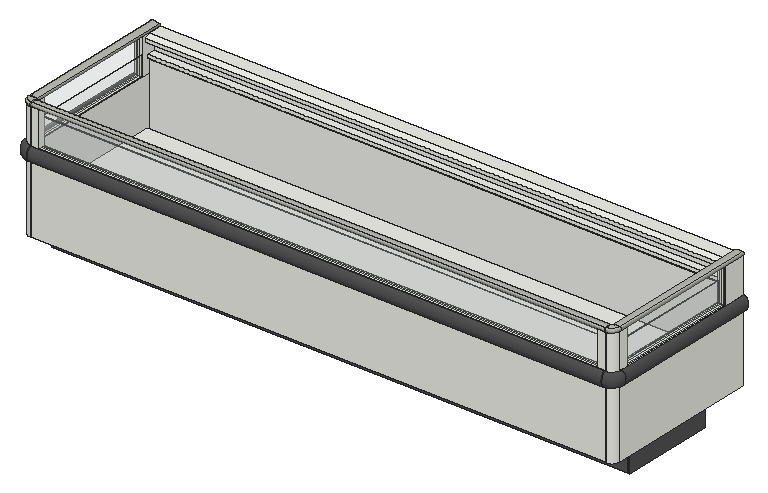
Revit family "FG_2014", category Specialty Equipment, Revit 2014
Parameters (values of type "12'-0" Length")
  Width = 144 1/2"
  Waste Drain = 1 1/4"  # constant formula
  URL = "www.hussmann.com"
  Type Comments = "Excel"  # constant formula
  Trim = Plastic - 144 Mist Gray
  Total Weight = Case Weight + (2 * End Weight)  # 1300.00 lbf
  Splashguard = Textured Sheet Metal (Steel Painted) - 701 Black
  Side Panel - Right [instance] = yes
  Side Panel - Left [instance] = yes
  Shelves = Sheet Metal (Steel Painted) - 700 Interior White
  Revit Family Date = "08/30/2016"  # constant formula
  Refrigeration Lines Suction = 5/8"  # constant formula
  Refrigeration Lines Liquid = 3/8"  # constant formula
  Refrig. Suction = "Suction"
  Refrig. Liquid = "Liquid"
  Number of Supports = if(Width < 50", 2, if(Width < 100", 3, 4))  # 4
  Note from Manufacturer = "This model only comes in 6'-0\", 8'-0\", and 12'-0\" lengths."
  Model URL = "http://www.hussmann.com/en/product%20viewer/display-cases/F,%20FG"
  Model = "FG"  # constant formula
  Manufacturer Disclaimer = "The information in this file is not intended to be an exact representation of the corresponding Hussmann product.  Further, we reserve the right to change or revise specifications and product design in connection with any feature of our products. Such changes do not entitle the buyer to corresponding changes, improvements, additions, or replacements for equipment previously sold or shipped."  # constant formula
  Manufacturer = "Hussmann Corporation"  # constant formula
  Height = 36 1/4"  # constant formula
  Glazing = Glass
  Ends = Textured Sheet Metal (Steel Painted) - 149 White Satin Matte
  End Weight = 50.00 lbf  # constant formula
  Description = "Single-Deck Wall Model With Glass Front for Frozen Food, Ice Cream or Medium Temp"  # constant formula
  Depth = 42"  # constant formula
  Cutsheet URL = "http://www.hussmann.com/en/Technical%20Documents/0465894_F_F_EN.pdf"
  Close Off Panel = Textured Sheet Metal (Steel Painted) - 701 Black
  Clearance [instance] = yes
  Case Weight = if(Width = 73 3/4", 800.00 lbf, if(Width = 96 3/8", 1000.00 lbf, if(Width = 144 1/2", 1200.00 lbf, 0.00 lbf)))  # 1200.00 lbf
  Case Interior - Side Panel = Sheet Metal (Steel Painted) - 700 Interior White
  Case Interior - Back Panel = Sheet Metal (Steel Painted) - 700 Interior White
  Case = Textured Sheet Metal (Steel Painted) - 149 White Satin Matte
  Bumper = Extruded PVC - 701 Black
  Back Clearance = 3"  # constant formula
  Assembly Code = ""
  Accessories/Options = ""
Types (4): name | Width | Total Weight | Number of Supports | Note from Manufacturer | Case Weight
  (no name) | 144 1/2" | 1300.00 lbf | 4 | "This model only comes in 6'-0\", 8'-0\", and 12'-0\" lengths." | 1200.00 lbf
  12'-0" Length | 144 1/2" | 1300.00 lbf | 4 | "This model only comes in 6'-0\", 8'-0\", and 12'-0\" lengths." | 1200.00 lbf
  8'-0" Length | 96 3/8" | 1100.00 lbf | 3 | "This model only comes in 8'-0\", and 12'-0\" lengths." | 1000.00 lbf
  6'-0" Length | 73 3/4" | 900.00 lbf | 3 | "This model only comes in 6'-0\", 8'-0\", and 12'-0\" lengths." | 800.00 lbf
Reference planes
  plane 1 "Back": y = 0
  plane 2 "Bottom": z = 0
  plane 3 "Top": z = 920.75
  plane 4 "Left": x = -1963.597
  plane 5 "Front": y = -1066.8
  plane 6 "Center (Left/Right)": x = -128.447
  plane 7: y = 76.2
  plane 8 "Right": x = 1706.703
  plane 9: z = 609.6
  plane 10: z = 1727.2
  plane 11: z = 996.95
Forms (mm)
  Extrusion 1, solid, material "Metal - Copper"
    sketch origin (1601.788, 26.497, 0) x (1, 0, 0) y (0, 1, 0)
      loop
        arc (-203.06, -813.897) -> (-214.285, -818.547) -> (-218.935, -829.772) r 15.875
        arc (-218.935, -829.772) -> (-214.285, -840.997) -> (-203.06, -845.647) r 15.875
        arc (-203.06, -845.647) -> (-191.835, -840.997) -> (-187.185, -829.772) r 15.875
        arc (-187.185, -829.772) -> (-191.835, -818.547) -> (-203.06, -813.897) r 15.875
      loop
        circle (-203.06, -829.772) r 14.864
    from 163.173 to 89.274
  Extrusion 2, solid, material "Metal - Copper"
    sketch origin (1457.987, 127, -9.525) x (1, 0, 0) y (0, 1, 0)
      loop
        circle (37.578, -793.75) r 7.33
      loop
        circle (37.578, -793.75) r 7.938
    from 108.245 to 9.525
  Extrusion 3, solid, material "Metal - Copper"
    sketch origin (1519.582, 127, -9.525) x (1, 0, 0) y (0, 1, 0)
      loop
        circle (-11.317, -793.75) r 4.366
      loop
        circle (-11.317, -793.75) r 4.763
    from 108.245 to 9.525
  Extrusion 4, solid, material "Metal - Copper"
    sketch origin (-1439.862, 26.497, 0) x (1, 0, 0) y (0, 1, 0)
      loop
        arc (-215.76, -813.897) -> (-226.985, -818.547) -> (-231.635, -829.772) r 15.875
        arc (-231.635, -829.772) -> (-226.985, -840.997) -> (-215.76, -845.647) r 15.875
        arc (-215.76, -845.647) -> (-204.535, -840.997) -> (-199.885, -829.772) r 15.875
        arc (-199.885, -829.772) -> (-204.535, -818.547) -> (-215.76, -813.897) r 15.875
      loop
        circle (-215.76, -829.772) r 14.864
    from 163.173 to 89.274
  Extrusion 5, solid, material "Textured Sheet Metal (Steel Painted) - 149 White Satin Matte" <- "Case"
    sketch origin (-1963.597, 0, 0) x (0, 1, 0) y (0, 0, 1)
      loop
        line (-940.424, 478.196) -> (-926.169, 520.827) -> (-926.169, 564.362) -> (-933.462, 567.635) -> (-933.462, 528.117) -> (-939.05, 528.117) -> (-939.05, 570.143) -> (-993.628, 594.638) -> (-993.628, 661.676) -> (-1033.122, 661.676) -> (-1033.122, 139.7) -> (-1009.527, 139.7) -> (-1016.485, 143.719)
        arc (-1016.485, 143.719) -> (-1019.391, 147.392) -> (-1018.988, 152.058) r 6.35
        line (-1018.988, 152.058) -> (-989.666, 210.678) -> (-855.105, 139.7) -> (-178.706, 139.7) -> (0, 235.513) -> (0, 895.35) -> (-91.895, 895.35) -> (-120.318, 881.369) -> (-120.318, 855.699) -> (-54.69, 855.699) -> (-54.69, 780.591) -> (-104.147, 780.591) -> (-104.147, 757.645) -> (-92.699, 748.154) -> (-92.699, 345.771) -> (-940.424, 345.771) -> (-940.424, 478.196)
    from 0 to 3670.3 <- "Width"
  Extrusion 6, solid, material "Extruded PVC - 701 Black" <- "Bumper"
    sketch origin (-1963.597, 0, 0) x (0, 1, 0) y (0, 0, 1)
      loop
        line (-1033.122, 577.203) -> (-1033.122, 662.345)
        spline (-1033.122, 662.345) -> (-1041.503, 662.394) -> (-1049.552, 658.973) -> (-1056.614, 652.36) -> (-1062.114, 643.094) -> (-1065.604, 631.929) -> (-1066.8, 619.774) -> (-1065.604, 607.62) -> (-1062.114, 596.455) -> (-1056.614, 587.188) -> (-1049.552, 580.575) -> (-1041.503, 577.154) -> (-1033.122, 577.203)
    from 0 to 3670.3 <- "Width"
  Extrusion 7, solid, material "Plastic - 144 Mist Gray" <- "Trim"
    sketch origin (-1963.597, 0, 0) x (0, 1, 0) y (0, 0, 1)
      loop
        arc (-1030.156, 909.502) -> (-1038.795, 898.503) -> (-1030.731, 887.075) r 11.708
        line (-1030.731, 887.075) -> (-1030.731, 895.35) -> (-993.628, 895.35) -> (-993.628, 894.293) -> (-984.013, 894.293)
        arc (-984.013, 894.293) -> (-980.651, 899.122) -> (-983.552, 904.241) r 5.522
        arc (-983.552, 904.241) -> (-1006.363, 911.225) -> (-1030.156, 909.502) r 64.948
    from 0 to 3670.3 <- "Width"
  Extrusion 8, solid, material "Textured Sheet Metal (Steel Painted) - 701 Black" <- "Splashguard"
    sketch origin (-1963.597, 0, 0) x (0, 1, 0) y (0, 0, 1)
      loop
        line (-850.9, 130.29) -> (-850.9, 0) -> (-838.134, 0) -> (-838.134, 138.516) -> (-844.992, 138.516) -> (-850.9, 130.29)
      loop
        line (-251.385, 139.7) -> (-267.809, 139.7) -> (-267.809, 116.713) -> (-263.525, 116.713) -> (-263.525, 0) -> (-259.241, 0) -> (-259.241, 116.713) -> (-251.385, 116.713) -> (-251.385, 139.7)
    from 0 to 3670.3 <- "Width"
  Extrusion 9, solid, material "Sheet Metal (Steel Painted) - 700 Interior White" <- "Shelves"
    sketch origin (-1963.597, 0, 0) x (0, 1, 0) y (0, 0, 1)
      loop
        line (-925.763, 360.804) -> (-925.763, 345.771) -> (-108.172, 345.771) -> (-108.172, 360.804) -> (-925.763, 360.804)
    from 0 to 3670.3 <- "Width"
  Extrusion 10, solid, material "Glass"
    sketch origin (-1963.597, -1.597, 0) x (0, 1, 0) y (0, 0, 1)
      loop
        line (-993.628, 661.676) -> (-993.628, 895.35) -> (-1006.328, 895.35) -> (-1006.328, 661.676) -> (-993.628, 661.676)
      loop
        line (-1028.34, 661.676) -> (-1015.64, 661.676) -> (-1015.64, 895.35) -> (-1028.34, 895.35) -> (-1028.34, 661.676)
    from 50.8 to 3619.5
  Extrusion 11, solid, material "Textured Sheet Metal (Steel Painted) - 149 White Satin Matte" <- "Case"
    sketch origin (-1963.597, -1.597, 0) x (0, 1, 0) y (0, 0, 1)
      loop
        line (-995.226, 895.35) -> (-1031.525, 895.35) -> (-1031.525, 661.676) -> (-995.226, 661.676) -> (-995.226, 895.35)
    from 0 to 50.8
  Extrusion 12, solid, material "Textured Sheet Metal (Steel Painted) - 149 White Satin Matte" <- "Case"
    sketch origin (1706.703, 0, 0) x (0, 0, 1) y (0, -1, 0)
      loop
        line (661.676, 1030.731) -> (661.676, 994.432) -> (895.35, 994.432) -> (895.35, 1030.731) -> (661.676, 1030.731)
    from 0 to -50.8
  Extrusion 13, solid, material "Glass"
    sketch origin (-1963.597, 0, 0) x (0, 1, 0) y (0, 0, 1)
      loop
        line (-939.05, 528.117) -> (-933.462, 528.117) -> (-933.462, 787.571) -> (-939.05, 787.571) -> (-939.05, 528.117)
    from 0 to 3670.3 <- "Width"
Lines and regions (mm)
  reference lines
    curve 1: line (-1900.097, -1066.8, 0) -> (-1900.097, 0, 0)
    curve 2: line (-1655.622, -1066.8, 0) -> (-1655.622, 0, 0)
    curve 3: line (1398.728, -1066.8, 0) -> (1398.728, 0, 0)
    curve 4: line (1643.203, -1066.8, 0) -> (1643.203, 0, 0)
    curve 5: line (1503.503, -1066.8, 0) -> (1503.503, 0, 0)
    curve 6: line (-1963.597, -803.275, 0) -> (1706.703, -803.275, 0)
    curve 7: line (1706.703, -666.75, 0) -> (-1963.597, -666.75, 0)
  symbolic lines, style "Clearance", visible <- "Clearance"
    curve 8: line (-1963.597, 0, 0) -> (-1963.597, 76.2, 0)
    curve 9: line (-1963.597, 76.2, 0) -> (1706.703, 76.2, 0)
    curve 10: line (1706.703, 76.2, 0) -> (1706.703, 0, 0)
Dimensions and locks
  equal spacing: plane 4 "Left", plane 6 "Center (Left/Right)", plane 8 "Right"
  "Width": plane 4 "Left" to plane 8 "Right"
  locked: plane 4 "Left" to curve 1 at 63.5
  locked: plane 4 "Left" to curve 2 at 307.975
  locked: curve 4 to plane 8 "Right" at 63.5
  locked: curve 3 to plane 8 "Right" at 307.975
  "Depth": plane 5 "Front" to plane 1 "Back"
  "Back Clearance": plane 1 "Back" to plane 7
  locked: curve 5 to plane 8 "Right" at 203.2
  "Height": plane 3 "Top" to level
  locked: plane 1 "Back" to curve 6 at 803.275
  locked: plane 1 "Back" to curve 7 at 666.75
  locked: plane 9 to level at 609.6
  locked: plane 10 to level at 1727.2
  plane 11 to plane 3 "Top" = 3"
  locked: Extrusion 4 sketch curve to Extrusion 4 sketch curve at 1.011
  locked: Extrusion 1 sketch curve to Extrusion 1 sketch curve at 1.011
  locked: Extrusion 3 sketch curve to Extrusion 3 sketch curve at 0.397
  locked: Extrusion 2 sketch curve to Extrusion 2 sketch curve at 0.607
  equal spacing: group 1, group 3, group 4, group 2  (x3)
  locked: Extrusion 12 to plane 8 "Right" at 50.8
  "Waste Drain": diameter of Extrusion 4 sketch curve
  "Waste Drain": diameter of Extrusion 1 sketch curve
  "Refrigeration Lines Liquid": diameter of Extrusion 3 sketch curve
  "Refrigeration Lines Suction": diameter of Extrusion 2 sketch curve
  aligned and locked: plane 5 "Front" to curve 3
  aligned and locked: plane 5 "Front" to curve 4
  aligned and locked: plane 5 "Front" to curve 2
  aligned and locked: plane 5 "Front" to curve 1
  aligned and locked: plane 4 "Left" to curve 6
  aligned and locked: plane 4 "Left" to curve 7
  aligned and locked: plane 8 "Right" to curve 7
  aligned and locked: plane 8 "Right" to curve 6
  aligned and locked: Extrusion 2 to level
  aligned and locked: Extrusion 3 to level
  aligned and locked: curve 7 to Extrusion 3 sketch curve  (x4)
  aligned and locked: curve 7 to Extrusion 2 sketch curve  (x4)
  aligned and locked: curve 6 to Extrusion 1 sketch curve  (x3)
  aligned and locked: curve 6 to Extrusion 4 sketch curve
  aligned and locked: curve 2 to Extrusion 4 sketch curve
  aligned and locked: curve 3 to Extrusion 1 sketch curve
  aligned and locked: curve 5 to Extrusion 3 sketch curve
  aligned and locked: curve 5 to Extrusion 2 sketch curve
  aligned and locked: curve 1 to nested 1
  aligned and locked: curve 4 to nested 2
  aligned and locked: plane 8 "Right" to nested 5
  aligned and locked: plane 4 "Left" to nested 4
  aligned and locked: nested 4 to Extrusion 5
  aligned and locked: nested 5 to Extrusion 5
  aligned and locked: Extrusion 10 to Extrusion 11
  aligned and locked: Extrusion 10 to Extrusion 12
Automatic sketch dimensions
  curve 8 to plane 4 "Left" = 0"
  curve 10 to plane 7 = 0"
  curve 10 to plane 8 "Right" = 0"
  plane 1 "Back" to curve 10 = 0"
  plane 1 "Back" to curve 8 = 0"
  curve 5 to plane 5 "Front" = 0"
  plane 1 "Back" to curve 3 = 0"
  plane 1 "Back" to curve 2 = 0"
  plane 1 "Back" to curve 1 = 0"
  plane 1 "Back" to curve 4 = 0"
  plane 1 "Back" to curve 5 = 0"
  Extrusion 5 sketch curve to plane 1 "Back" = 0"
  plane 1 "Back" to Extrusion 5 sketch curve = 2.15316"
  plane 3 "Top" to Extrusion 5 sketch curve = 1"
  Extrusion 5 sketch curve to Extrusion 5 sketch curve = 1.46475"
  Extrusion 5 sketch curve to Extrusion 5 sketch curve = 1.4964"
  Extrusion 5 sketch curve to Extrusion 5 sketch curve = 0.45072"
  Extrusion 5 sketch curve to Extrusion 5 sketch curve = 1.11903"
  plane 1 "Back" to Extrusion 5 sketch curve = 7.03566"
  plane 5 "Front" to Extrusion 5 sketch curve = 8.33443"
  plane 5 "Front" to Extrusion 5 sketch curve = 5.53665"
  Extrusion 5 sketch curve to Extrusion 5 sketch curve = 0.28712"
  Extrusion 5 sketch curve to Extrusion 5 sketch curve = 0.22"
  Extrusion 5 sketch curve to Extrusion 5 sketch curve = 0.5612"
  plane 5 "Front" to Extrusion 5 sketch curve = 3.03676"
  plane 5 "Front" to Extrusion 5 sketch curve = 2.88077"
  plane 5 "Front" to Extrusion 5 sketch curve = 2.25484"
  Extrusion 5 sketch curve to Extrusion 5 sketch curve = 0.14888"
  Extrusion 5 sketch curve to Extrusion 5 sketch curve = 0.12505"
  Extrusion 5 sketch curve to Extrusion 5 sketch curve = 0.22359"
  plane 5 "Front" to Extrusion 5 sketch curve = 1.32589"
  Extrusion 5 sketch curve to Extrusion 5 sketch curve = 0.55042"
  Extrusion 5 sketch curve to Extrusion 5 sketch curve = 1.56107"
  Extrusion 5 sketch curve to Extrusion 5 sketch curve = 2.95699"
  Extrusion 5 sketch curve to Extrusion 5 sketch curve = 0.90341"
  Extrusion 5 sketch curve to Extrusion 5 sketch curve = 0.37366"
  plane 9 to Extrusion 5 sketch curve = 2.05025"
  Extrusion 5 sketch curve to plane 9 = 0.58904"
  Extrusion 5 sketch curve to plane 9 = 1.55341"
  Extrusion 5 sketch curve to Extrusion 5 sketch curve = 0.09874"
  Extrusion 5 sketch curve to Extrusion 5 sketch curve = 0.12886"
  Extrusion 5 sketch curve to Extrusion 5 sketch curve = 1.42699"
  Extrusion 5 sketch curve to Extrusion 5 sketch curve = 0.28701"
  Extrusion 5 sketch curve to Extrusion 5 sketch curve = 1.67837"
  Extrusion 5 sketch curve to Extrusion 5 sketch curve = 5.2136"
  Extrusion 5 sketch curve to Extrusion 5 sketch curve = 4.34085"
  Extrusion 5 sketch curve to Extrusion 5 sketch curve = 5.31862"
  Extrusion 5 sketch curve to Extrusion 5 sketch curve = 2.30787"
  Extrusion 5 sketch curve to Extrusion 5 sketch curve = 0.11184"
  Extrusion 5 sketch curve to Extrusion 5 sketch curve = 0.15823"
  level to Extrusion 5 sketch curve = 5 1/2"
  plane 5 "Front" to Extrusion 6 sketch curve = 1.32589"
  Extrusion 6 sketch curve to plane 9 = 1.27546"
  plane 9 to Extrusion 6 sketch curve = 2.07658"
  plane 5 "Front" to Extrusion 6 sketch curve = 1.15634"
  Extrusion 6 sketch curve to Extrusion 6 sketch curve = 0.01831"
  plane 5 "Front" to Extrusion 7 sketch curve = 1.42003"
  Extrusion 7 sketch curve to Extrusion 7 sketch curve = 0.14331"
  Extrusion 7 sketch curve to Extrusion 7 sketch curve = 0.67256"
  Extrusion 7 sketch curve to Extrusion 7 sketch curve = 1.31742"
  Extrusion 7 sketch curve to Extrusion 7 sketch curve = 0.29374"
  Extrusion 7 sketch curve to Extrusion 7 sketch curve = 0.08481"
  plane 3 "Top" to Extrusion 7 sketch curve = 2.91589"
  plane 3 "Top" to Extrusion 7 sketch curve = 1.32577"
  plane 3 "Top" to Extrusion 7 sketch curve = 1.04161"
  Extrusion 7 sketch curve to Extrusion 7 sketch curve = 0.32577"
  Extrusion 7 sketch curve to Extrusion 7 sketch curve = 0.11231"
  Extrusion 7 sketch curve to Extrusion 7 sketch curve = 0.20018"
  plane 3 "Top" to Extrusion 7 sketch curve = 0.44283"
  Extrusion 8 sketch curve to level = 0"  (x2)
  plane 5 "Front" to Extrusion 8 sketch curve = 8 1/2"
  Extrusion 8 sketch curve to Extrusion 8 sketch curve = 0.2326"
  Extrusion 8 sketch curve to Extrusion 8 sketch curve = 0.27001"
  plane 1 "Back" to Extrusion 8 sketch curve = 10.54366"
  Extrusion 8 sketch curve to Extrusion 8 sketch curve = 0.16866"  (x2)
  Extrusion 8 sketch curve to Extrusion 8 sketch curve = 0.6466"
  level to Extrusion 8 sketch curve = 4.595"
  Extrusion 8 sketch curve to Extrusion 8 sketch curve = 0"
  Extrusion 8 sketch curve to Extrusion 8 sketch curve = 5.12951"
  Extrusion 8 sketch curve to Extrusion 8 sketch curve = 0.32388"
  Extrusion 8 sketch curve to Extrusion 8 sketch curve = 0.905"
  plane 5 "Front" to Extrusion 9 sketch curve = 5.55264"
  plane 1 "Back" to Extrusion 9 sketch curve = 4.25873"
  Extrusion 9 sketch curve to plane 9 = 10.38697"
  Extrusion 9 sketch curve to Extrusion 9 sketch curve = 0.59184"
  plane 5 "Front" to Extrusion 10 sketch curve = 1.45128"
  Extrusion 10 sketch curve to Extrusion 10 sketch curve = 1/2"  (x2)
  Extrusion 10 sketch curve to Extrusion 10 sketch curve = 0.3666"
  plane 9 to Extrusion 10 sketch curve = 2.05025"
  Extrusion 10 sketch curve to Extrusion 10 sketch curve = 0"  (x2)
  plane 3 "Top" to Extrusion 10 sketch curve = 1"
  plane 3 "Top" to Extrusion 12 sketch curve = 1"
  plane 5 "Front" to Extrusion 11 sketch curve = 1.32589"
  plane 9 to Extrusion 11 sketch curve = 2.05025"
  plane 3 "Top" to Extrusion 11 sketch curve = 1"
  Extrusion 12 sketch curve to Extrusion 12 sketch curve = 1.4291"
  plane 9 to Extrusion 12 sketch curve = 2.05025"
  plane 5 "Front" to Extrusion 12 sketch curve = 2.84913"
  Extrusion 11 sketch curve to Extrusion 11 sketch curve = 1.4291"
  plane 5 "Front" to Extrusion 13 sketch curve = 5.02953"
  Extrusion 13 sketch curve to Extrusion 13 sketch curve = 0.22"
  Extrusion 13 sketch curve to plane 9 = 3.208"
  plane 3 "Top" to Extrusion 13 sketch curve = 5.24327"
  Extrusion 1 sketch curve to Extrusion 1 sketch curve = 0"  (x2)
  Extrusion 2 sketch curve to Extrusion 2 sketch curve = 0"
  Extrusion 3 sketch curve to Extrusion 3 sketch curve = 0"
  Extrusion 4 sketch curve to Extrusion 4 sketch curve = 0"  (x3)
Nested families
  nested 1: "Floor Support-Low Profile" at (-1897.063, -263.525, 0), type "Floor Support-Low Profile"
    with Depth 19 7/8"
  nested 2: "Floor Support-Low Profile" at (1646.238, -263.525, 0), type "Floor Support-Low Profile"
    with Depth 19 7/8"
  nested 3: "Floor Support-Low Profile" at (-715.963, -263.525, 0), type "Floor Support-Low Profile"
    with Depth 19 7/8"
  nested 4: "FG-End Panel" at (-1963.597, 0, 0), visible <- "Side Panel - Left", type "FG-End Panel"
  nested 5: "FG-End Panel" at (1706.703, 0, 0) x (-1, 0, 0) z (0, 0, 1), visible <- "Side Panel - Right", type "FG-End Panel"
  nested 6: "Floor Support-Low Profile" at (465.138, -263.525, 0), type "Floor Support-Low Profile"
    with Depth 19 7/8"
Connectors
  piping at (1398.728, -803.275, 89.274), diameter 31.75, driven by "Waste Drain"
    settings: on Extrusion 1, index 8, connector inside diameter 1 1/4", connector length 0", flow factor 0, pipe flow 0 GPM, pressure drop 0.00 psi, fitting loss kfactor 0, connector angle 0.00°, fixture units 0, engagement length 0", angle of deflection 0.00°, flow configuration 0, flow direction 0, fitting loss method 0, system type 16, joint type 0, gender type 0, connector reference index -1, connector utility 0, adjustable connector no, is connector primary yes, connector description "1 1/4\""
  piping at (1495.565, -666.75, 0), diameter 15.875, driven by "Refrig. Suction", driven by "Refrigeration Lines Suction"
    settings: on Extrusion 2, index 9, connector inside diameter 7/8", connector length 0", flow factor 0, pipe flow 0 GPM, pressure drop 0.00 psi, fitting loss kfactor 0, connector angle 0.00°, fixture units 0, engagement length 0", angle of deflection 0.00°, flow configuration 0, flow direction 2, fitting loss method 0, system type 22, joint type 0, gender type 0, connector reference index -1, connector utility 0, adjustable connector no, is connector primary no, connector description "Suction"
  piping at (1508.265, -666.75, 0), diameter 9.525, driven by "Refrig. Liquid", driven by "Refrigeration Lines Liquid"
    settings: on Extrusion 3, index 10, connector inside diameter 3/8", connector length 0", flow factor 0, pipe flow 0 GPM, pressure drop 0.00 psi, fitting loss kfactor 0, connector angle 0.00°, fixture units 0, engagement length 0", angle of deflection 0.00°, flow configuration 0, flow direction 1, fitting loss method 0, system type 22, joint type 0, gender type 0, connector reference index -1, connector utility 0, adjustable connector no, is connector primary no, connector description "Liquid"
  piping at (-1655.622, -803.275, 89.274), diameter 31.75, driven by "Waste Drain"
    settings: on Extrusion 4, index 11, connector inside diameter 1 1/4", connector length 0", flow factor 0, pipe flow 0 GPM, pressure drop 0.00 psi, fitting loss kfactor 0, connector angle 0.00°, fixture units 0, engagement length 0", angle of deflection 0.00°, flow configuration 0, flow direction 0, fitting loss method 0, system type 16, joint type 0, gender type 0, connector reference index -1, connector utility 0, adjustable connector no, is connector primary no, connector description ""
Definition of nested family "Floor Support-Low Profile"
  Parameters (values of type "Floor Support-Low Profile")
    Width = 4 1/4"
    URL = "www.hussmann.com"
    Type Comments = ""
    Revit Family Date = "06/25/2015"
    Model = ""
    Manufacturer = "Hussmann Corporation"
    Height = 2.18201"
    Floor Support = none
    Description = ""
    Depth = 26.227"
    Assembly Code = ""
    Accessories/Options = ""
  Reference planes
    plane 1 "Back": y = 0
    plane 2 "Bottom": z = 0
    plane 3 "Top": z = 55.423
    plane 4 "Left": x = -57.01
    plane 5 "Right": x = 50.94
    plane 6 "Front": y = -666.166
    plane 7 "Center (Left/Right)": x = -3.035
  Forms (mm)
    Extrusion 1, solid, material <- "Floor Support"
      sketch origin (-3.035, 0, 0) x (0, 1, 0) y (0, 0, 1)
        loop
          line (-12.624, 31.75) -> (-12.624, 1.448) -> (-73.228, 1.448) -> (-73.228, 31.75) -> (-90.678, 31.75) -> (-90.678, 30.302) -> (-74.676, 30.302) -> (-74.676, 0) -> (-11.176, 0) -> (-11.176, 31.75) -> (-12.624, 31.75)
      from 53.975 to -53.975
    Extrusion 2, solid, material <- "Floor Support"
      sketch origin (-3.035, 0, 0) x (0, 1, 0) y (0, 0, 1)
        loop
          line (-666.166, 55.423) -> (-666.166, 31.75) -> (0, 31.75) -> (0, 86.1) -> (-57.695, 55.423) -> (-666.166, 55.423)
      from 53.975 to -53.975
    Extrusion 3, solid, material <- "Floor Support"
      sketch origin (-3.035, -666.166, 0) x (0, -1, 0) y (0, 0, -1)
        loop
          line (-12.624, -31.75) -> (-11.176, -31.75) -> (-11.176, 0) -> (-74.676, 0) -> (-74.676, -30.302) -> (-90.678, -30.302) -> (-90.678, -31.75) -> (-73.228, -31.75) -> (-73.228, -1.448) -> (-12.624, -1.448) -> (-12.624, -31.75)
      from 53.975 to -53.975
  Dimensions and locks
    equal spacing: plane 4 "Left", plane 7 "Center (Left/Right)", plane 5 "Right"
    "Width": plane 4 "Left" to plane 5 "Right"
    "Depth": plane 6 "Front" to plane 1 "Back"
    "Height": plane 3 "Top" to level
    aligned and locked: Extrusion 1 to plane 4 "Left"
    aligned and locked: plane 5 "Right" to Extrusion 1
    aligned and locked: Extrusion 2 to plane 4 "Left"
    aligned and locked: plane 5 "Right" to Extrusion 2
    aligned and locked: Extrusion 3 to plane 4 "Left"
    aligned and locked: plane 5 "Right" to Extrusion 3
  Automatic sketch dimensions
    Extrusion 1 sketch curve to level = 0"
    level to Extrusion 1 sketch curve = 1.193"
    plane 1 "Back" to Extrusion 1 sketch curve = 3.57001"
    Extrusion 1 sketch curve to Extrusion 1 sketch curve = 0.62999"
    Extrusion 1 sketch curve to Extrusion 1 sketch curve = 0.05701"  (x3)
    plane 1 "Back" to Extrusion 1 sketch curve = 0.49701"
    level to Extrusion 1 sketch curve = 0.05701"
    Extrusion 1 sketch curve to Extrusion 1 sketch curve = 1.193"
    Extrusion 2 sketch curve to plane 6 "Front" = 0"
    Extrusion 2 sketch curve to plane 1 "Back" = 0"
    plane 1 "Back" to Extrusion 2 sketch curve = 2.27145"
    level to Extrusion 2 sketch curve = 1 1/4"
    Extrusion 2 sketch curve to Extrusion 2 sketch curve = 0.932"
    Extrusion 2 sketch curve to Extrusion 2 sketch curve = 2.13975"
    Extrusion 3 sketch curve to level = 0"
    Extrusion 3 sketch curve to level = 1.193"
    Extrusion 3 sketch curve to plane 6 "Front" = 3.57001"
    Extrusion 3 sketch curve to Extrusion 3 sketch curve = 0.62999"
    Extrusion 3 sketch curve to Extrusion 3 sketch curve = 0.05701"  (x2)
    Extrusion 3 sketch curve to plane 6 "Front" = 0.49701"
    Extrusion 3 sketch curve to plane 6 "Front" = 0.44"
    Extrusion 3 sketch curve to level = 0.05701"
    Extrusion 3 sketch curve to Extrusion 3 sketch curve = 1.193"
Definition of nested family "FG-End Panel"
  Parameters (values of type "FG-End Panel")
    Trim = none
    Splashguard = none
    Glazing = Glass
    Case Interior - Side Panel = none
    Case = none
    Bumper = none
  Reference planes
    plane 1 "Center (Front/Back)": y = 0
    plane 2: z = 0
    plane 3 "Center (Left/Right)": x = 0
  Forms (mm)
    Extrusion 1, solid, material <- "Case"
      sketch origin (0, 0, 0) x (1, 0, 0) y (0, 1, 0)
        loop
          line (0, -1033.122) -> (0, 0) -> (-52.477, 0) -> (-52.477, -980.645)
          arc (-52.477, -980.645) -> (-37.107, -1017.752) -> (0, -1033.122) r 52.477
      from 139.7 to 661.676
    Extrusion 2, solid, material <- "Case"
      sketch origin (0, 0, 661.676) x (1, 0, 0) y (0, 1, 0)
        loop
          line (0, 0) -> (-52.477, 0) -> (-52.477, -139.7) -> (0, -139.7) -> (0, 0)
      from 0 to 233.674
    Extrusion 3, solid, material "Glass" <- "Glazing"
      sketch origin (-50.8, -139.7, 661.676) x (1, 0, 0) y (0, 0, 1)
        loop
          line (0, 233.674) -> (0, 0) -> (12.7, 0) -> (12.7, 233.674) -> (0, 233.674)
        loop
          line (34.061, 233.674) -> (21.361, 233.674) -> (21.361, 0) -> (34.061, 0) -> (34.061, 233.674)
        loop
          line (50.8, 0) -> (50.8, 125.895) -> (44.45, 125.895) -> (44.45, 0) -> (50.8, 0)
      from 0 to 790.145
    Extrusion 4, solid, material <- "Case"
      sketch origin (0, 0, 661.676) x (1, 0, 0) y (0, 1, 0)
        loop
          arc (-52.477, -980.645) -> (-37.107, -1017.752) -> (0, -1033.122) r 52.477
          line (0, -1033.122) -> (0, -929.845) -> (-52.477, -929.845) -> (-52.477, -980.645)
      from 0 to 233.674
    Revolve 5, solid, material <- "Trim"
      sketch origin (0, -1030.731, 895.35) x (0, 0, -1) y (0, -1, 0)
        loop
          arc (-14.152, -0.575) -> (-15.875, -24.369) -> (-8.891, -47.179) r 64.948
          arc (-8.891, -47.179) -> (-4.744, -50.039) -> (0, -48.342) r 5.522
          line (0, -48.342) -> (0, 2.391) -> (7.182, 2.391)
          arc (7.182, 2.391) -> (-4.465, 7.956) -> (-14.152, -0.575) r 11.708
        axis (7.182, -50.086) -> (-14.152, -50.086)
      angle from 0 to -90
    Extrusion 6, solid, material <- "Trim"
      sketch origin (0, -980.645, 888.206) x (-1, 0, 0) y (0, 0, 1)
        loop
          arc (49.511, 21.296) -> (25.717, 23.019) -> (2.907, 16.035) r 64.948
          arc (2.907, 16.035) -> (0.047, 11.887) -> (1.744, 7.144) r 5.522
          line (1.744, 7.144) -> (52.477, 7.144) -> (52.477, -0.038)
          arc (52.477, -0.038) -> (58.042, 11.609) -> (49.511, 21.296) r 11.708
      from 0 to 980.692
    Extrusion 7, solid, material <- "Splashguard"
      sketch origin (0, 0, 0) x (1, 0, 0) y (0, 1, 0)
        loop
          line (0, -259.241) -> (-12.7, -259.241) -> (-12.7, -850.9) -> (0, -850.9) -> (0, -259.241)
      from 0 to 139.7
    Sweep 8, solid, material <- "Bumper"
      path in 3D
        loop
          line (-52.477, 0, 661.676) -> (-52.477, -980.645, 661.676)
          arc (-52.477, -980.645, 661.676) -> (-37.107, -1017.752, 661.676) -> (0, -1033.122, 661.676) r 52.477
      profile origin (0, -1033.122, 661.676) x (0, -1, 0) y (0, 0, -1)
        loop
          spline (0, -0.669) -> (8.381, -0.718) -> (16.43, 2.703) -> (23.492, 9.316) -> (28.992, 18.582) -> (32.482, 29.747) -> (33.678, 41.902) -> (32.482, 54.057) -> (28.992, 65.222) -> (23.492, 74.488) -> (16.43, 81.101) -> (8.381, 84.522) -> (0, 84.473)
          line (0, 84.473) -> (0, -0.669)
  Lines and regions (mm)
    sketch lines
      curve 1: arc (-52.477, -980.645, 661.676) -> (-37.107, -1017.752, 661.676) -> (0, -1033.122, 661.676) r 52.477
      curve 2: line (-52.477, 0, 661.676) -> (-52.477, -980.645, 661.676)
  Dimensions and locks
    aligned and locked: level to plane 2
    aligned and locked: Extrusion 3 to Extrusion 4
